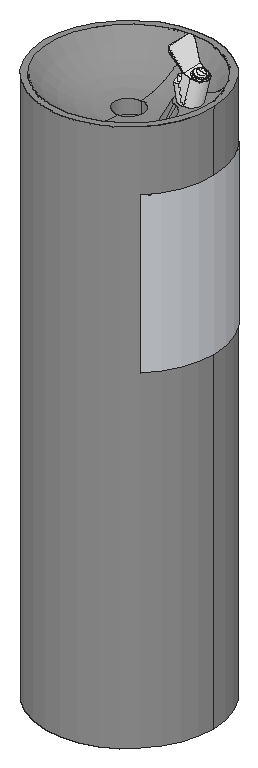
Revit family "rba-bim-rba8903-102", category Plumbing Fixtures, Revit 2018
Family settings
  Round Connector Dimension = Use Diameter
  Part Type = Normal
  Work Plane-Based = No
  Always vertical = Yes
  Cut with Voids When Loaded = No
  Shared = No
  Room Calculation Point = No
Parameters (values of type "RBA8903-102")
  URL = "www.rba.com.au"
  Modified Issue = "20210728.01"
  Height = 150.000 mm
  Model = "RBA8903-102"
  Manufacturer = "RBA Group"  # constant formula
  Description = "Watermarked Lead-Free Pedestal Drinking Fountain"
  Copyright by = "RBA Group"  # constant formula
  Basin & Housing = Type 304 Stainless Steel
Reference planes
  plane 1 "Center (Front/Back)": y = 0
  plane 2: z = 0
  plane 3 "Center (Left/Right)": x = 0
  plane 4: z = 865
  plane 5: x = 60.4
Forms (mm)
  Revolve 1, void
    sketch origin (0, -28.224, 765.775) x (0, 1, 0) y (0, 0, 1)
      loop
        line (28.224, 76.225) -> (28.224, 149.225) -> (-101.776, 149.225)
        arc (-101.776, 149.225) -> (-54.377, 112.352) -> (4.224, 99.225) r 137.36
        line (4.224, 99.225) -> (4.224, 76.225) -> (28.224, 76.225)
      axis (28.224, 76.225) -> (28.224, 149.225)
    angle from 0 to 360
  Extrusion 2, solid, material "Type 304 Stainless Steel" <- "Basin & Housing"
    sketch origin (0, -2.612, 765.775) x (0, 1, 0) y (-1, 0, 0)
      loop
        circle (2.612, 0) r 140
    from -765.775 to 149.225
  SweptBlend 3, solid, material "Type 304 Stainless Steel" <- "Basin & Housing"
    path origin (0, 0, 670) x (0, -1, 0) y (0, 0, 1)
      loop
        line (-0.112, 239.954) -> (-0.112, 194.954)
    profile origin (0, 0.112, 909.954) x (-1, 0, 0) y (0, -1, 0)
      loop
        arc (-93.474, -21.067) -> (-91.623, -20.386) -> (-89.839, -19.543) r 22.225
        arc (-89.839, -19.543) -> (-77.989, 0.112) -> (-89.839, 19.767) r 22.225
        arc (-89.839, 19.767) -> (-91.623, 20.61) -> (-93.474, 21.291) r 22.225
        arc (-93.474, 21.291) -> (-112.425, 43.353) -> (-108.227, 72.132) r 35.093
        arc (-108.227, 72.132) -> (-130, 0.112) -> (-108.227, -71.908) r 130
        arc (-108.227, -71.908) -> (-112.425, -43.129) -> (-93.474, -21.067) r 35.093
    end profile origin (0, 0.112, 864.954) x (-1, 0, 0) y (0, -1, 0)
      loop
        arc (-96.459, -87.041) -> (-93.907, -63.108) -> (-79.117, -44.119) r 43.89
        arc (-79.117, -44.119) -> (-54.404, 0.112) -> (-79.117, 44.343) r 51.939
        arc (-79.117, 44.343) -> (-93.907, 63.332) -> (-96.459, 87.265) r 43.89
        arc (-96.459, 87.265) -> (-130, 0.112) -> (-96.459, -87.041) r 130
  Extrusion 4, solid
    sketch origin (0, 140, 840) x (0, 1, 0) y (-1, 0, 0)
      loop
        arc (-239.329, -98.659) -> (-240.015, -98.714) -> (-239.998, -99.401) r 0.5
        arc (-239.998, -99.401) -> (-139.998, -140.998) -> (-39.998, -99.401) r 141
        arc (-39.998, -99.401) -> (-40, -98.694) -> (-40.707, -98.696) r 0.5
        arc (-40.707, -98.696) -> (-140.026, -140) -> (-239.329, -98.659) r 140
    from -287.442 to -24.924
Cuts and joins
  Revolve 1 cuts Extrusion 2
  joined: Extrusion 2, SweptBlend 3
Nested families
  nested 1: "RBA8900_Bubbler" at (100.84, 0, 909.954), type "Bubbler"
Definition of nested family "RBA8900_Bubbler"
  Parameters
    URL = "www.rba.com.au"
    Tap Head Satin = no
    Tap Head Polished = yes
    Tap = none
    Model = "Bubbler"
    Manufacturer = "rba"
    Description = ""
    Default Elevation = 1219.200 mm
  Reference planes
    plane 1 "Center (Front/Back)": y = 0
    plane 2: z = 0
    plane 3 "Center (Left/Right)": x = 0
    plane 4: z = 0
  Forms (mm)
    Extrusion 1, void, not visible
      sketch origin (190.394, 16, 54.737) x (0.48481, 0, -0.87462) y (0, -1, 0)
        loop
          arc (-34.602, 33.521) -> (-32.666, 37.951) -> (-28.288, 40) r 6.851
          line (-28.288, 40) -> (-24.456, 40)
          arc (-24.456, 40) -> (-14.588, 37.396) -> (-4.839, 34.375) r 240.547
          arc (-4.839, 34.375) -> (0.295, 32.936) -> (5.544, 32) r 55.094
          line (5.544, 32) -> (5.544, 44.082) -> (-37.297, 44.082) -> (-37.297, -12.879) -> (5.544, -12.879) -> (5.544, 0)
          arc (5.544, 0) -> (0.295, -0.936) -> (-4.839, -2.375) r 55.094
          arc (-4.839, -2.375) -> (-14.588, -5.396) -> (-24.456, -8) r 240.547
          line (-24.456, -8) -> (-28.288, -8)
          arc (-28.288, -8) -> (-32.666, -5.951) -> (-34.602, -1.521) r 6.851
          line (-34.602, -1.521) -> (-34.602, 33.521)
      from 0 to 5.726
    Extrusion 2, void, not visible
      sketch origin (196.613, 16, 45.679) x (-0.965926, 0, 0.258819) y (0, 1, 0)
        loop
          line (15.527, -32) -> (-7.034, -32)
          arc (-7.034, -32) -> (-23.034, -16) -> (-7.034, 0) r 16
          line (-7.034, 0) -> (15.527, 0) -> (15.527, 14.45) -> (-28.034, 14.45) -> (-28.034, -45.534) -> (15.527, -45.534) -> (15.527, -32)
      from -6.887 to 62.035
    Extrusion 3, solid, material <- "Tap", not visible
      sketch origin (0, 24, 0) x (1, 0, 0) y (0, 0, 1)
        loop
          arc (201.92, 44.257) -> (197.068, 46.392) -> (193.082, 49.888) r 17.425
          line (193.082, 49.888) -> (189.386, 47.84)
          arc (189.386, 47.84) -> (189.518, 41.776) -> (188.076, 35.885) r 23.232
          arc (188.076, 35.885) -> (185.093, 31.314) -> (180.521, 28.331) r 13.267
          line (180.521, 28.331) -> (168.461, 26.204) -> (173.081, 0) -> (210.42, 0) -> (218.863, 39.717) -> (201.92, 44.257)
      from 0 to 48
    Extrusion 4, void, not visible
      sketch origin (168.461, 24, 26.204) x (-0.984808, 0, -0.173648) y (0, 1, 0)
        loop
          line (-18.589, 5.61) -> (-18.589, -8) -> (-16, -8)
          arc (-16, -8) -> (0, -24) -> (-16, -40) r 16
          line (-16, -40) -> (-18.589, -40) -> (-18.589, -50) -> (21, -50) -> (21, 5.61) -> (-18.589, 5.61)
      from -11.774 to 50.524
    Extrusion 5, solid, material <- "Tap", not visible
      sketch origin (0, 24, 0) x (1, 0, 0) y (0, 0, 1)
        loop
          line (193.082, 49.888) -> (173.619, 85) -> (170.995, 83.546) -> (188.076, 52.731)
          arc (188.076, 52.731) -> (188.865, 50.321) -> (189.386, 47.84) r 23.232
          line (189.386, 47.84) -> (193.082, 49.888)
      from 0 to 48
    Revolve 6, solid, material <- "Tap", not visible
      sketch origin (189.454, 0, -21.888) x (-0.965926, 0, 0.258819) y (0.258819, 0, 0.965926)
        loop
          line (-12.461, 67.118) -> (0, 67.118) -> (0, 73.342) -> (-7.686, 73.342)
          arc (-7.686, 73.342) -> (-8.765, 72.895) -> (-9.211, 71.817) r 1.525
          line (-9.211, 71.817) -> (-9.211, 69.618)
          arc (-9.211, 69.618) -> (-9.358, 69.265) -> (-9.711, 69.118) r 0.5
          line (-9.711, 69.118) -> (-11.461, 69.118)
          arc (-11.461, 69.118) -> (-12.168, 68.825) -> (-12.461, 68.118) r 1
          line (-12.461, 68.118) -> (-12.461, 67.118)
        axis (0, 67.118) -> (0, 73.342)
      angle from 0 to 360
    Blend 7, solid, material <- "Tap", not visible
      base sketch origin (168.461, 24, 26.204) x (0.984808, 0, 0.173648) y (0, 1, 0)
        loop
          circle (9.56, -24) r 7
      top sketch origin (168.461, 24, 26.204) x (0.984808, 0, 0.173648) y (0, 1, 0)
        loop
          circle (9.56, -24) r 5
      from 0 to 6
    Extrusion 8, void
      sketch origin (-0.098, 16, 54.737) x (0.48481, 0, -0.87462) y (0, -1, 0)
        loop
          arc (-34.602, 33.521) -> (-32.666, 37.951) -> (-28.288, 40) r 6.851
          line (-28.288, 40) -> (-24.456, 40)
          arc (-24.456, 40) -> (-14.588, 37.396) -> (-4.839, 34.375) r 240.547
          arc (-4.839, 34.375) -> (0.295, 32.936) -> (5.544, 32) r 55.094
          line (5.544, 32) -> (5.544, 44.082) -> (-37.297, 44.082) -> (-37.297, -12.879) -> (5.544, -12.879) -> (5.544, 0)
          arc (5.544, 0) -> (0.295, -0.936) -> (-4.839, -2.375) r 55.094
          arc (-4.839, -2.375) -> (-14.588, -5.396) -> (-24.456, -8) r 240.547
          line (-24.456, -8) -> (-28.288, -8)
          arc (-28.288, -8) -> (-32.666, -5.951) -> (-34.602, -1.521) r 6.851
          line (-34.602, -1.521) -> (-34.602, 33.521)
      from 0 to 5.726
    Extrusion 9, void
      sketch origin (6.121, 16, 45.679) x (-0.965926, 0, 0.258819) y (0, 1, 0)
        loop
          line (15.527, -32) -> (-7.034, -32)
          arc (-7.034, -32) -> (-23.034, -16) -> (-7.034, 0) r 16
          line (-7.034, 0) -> (15.527, 0) -> (15.527, 14.45) -> (-28.034, 14.45) -> (-28.034, -45.534) -> (15.527, -45.534) -> (15.527, -32)
      from -6.887 to 62.035
    Extrusion 10, solid, material <- "Tap"
      sketch origin (-190.492, 24, 0) x (1, 0, 0) y (0, 0, 1)
        loop
          arc (201.92, 44.257) -> (197.068, 46.392) -> (193.082, 49.888) r 17.425
          line (193.082, 49.888) -> (189.386, 47.84)
          arc (189.386, 47.84) -> (189.518, 41.776) -> (188.076, 35.885) r 23.232
          arc (188.076, 35.885) -> (185.093, 31.314) -> (180.521, 28.331) r 13.267
          line (180.521, 28.331) -> (168.461, 26.204) -> (173.081, 0) -> (210.42, 0) -> (218.863, 39.717) -> (201.92, 44.257)
      from 0 to 48
    Extrusion 11, void
      sketch origin (-22.031, 24, 26.204) x (-0.984808, 0, -0.173648) y (0, 1, 0)
        loop
          line (-18.589, 5.61) -> (-18.589, -8) -> (-16, -8)
          arc (-16, -8) -> (0, -24) -> (-16, -40) r 16
          line (-16, -40) -> (-18.589, -40) -> (-18.589, -50) -> (21, -50) -> (21, 5.61) -> (-18.589, 5.61)
      from -11.774 to 50.524
    Extrusion 12, solid, material <- "Tap"
      sketch origin (-190.492, 24, 0) x (1, 0, 0) y (0, 0, 1)
        loop
          line (193.082, 49.888) -> (173.619, 85) -> (170.995, 83.546) -> (188.076, 52.731)
          arc (188.076, 52.731) -> (188.865, 50.321) -> (189.386, 47.84) r 23.232
          line (189.386, 47.84) -> (193.082, 49.888)
      from 0 to 48
    Revolve 13, solid, material <- "Tap"
      sketch origin (-1.038, 0, -21.888) x (-0.965926, 0, 0.258819) y (0.258819, 0, 0.965926)
        loop
          line (-12.461, 67.118) -> (0, 67.118) -> (0, 73.342) -> (-7.686, 73.342)
          arc (-7.686, 73.342) -> (-8.765, 72.895) -> (-9.211, 71.817) r 1.525
          line (-9.211, 71.817) -> (-9.211, 69.618)
          arc (-9.211, 69.618) -> (-9.358, 69.265) -> (-9.711, 69.118) r 0.5
          line (-9.711, 69.118) -> (-11.461, 69.118)
          arc (-11.461, 69.118) -> (-12.168, 68.825) -> (-12.461, 68.118) r 1
          line (-12.461, 68.118) -> (-12.461, 67.118)
        axis (0, 67.118) -> (0, 73.342)
      angle from 0 to 360
    Blend 14, solid, material <- "Tap"
      base sketch origin (-22.031, 24, 26.204) x (0.984808, 0, 0.173648) y (0, 1, 0)
        loop
          circle (9.56, -24) r 7
      top sketch origin (-22.031, 24, 26.204) x (0.984808, 0, 0.173648) y (0, 1, 0)
        loop
          circle (9.56, -24) r 5
      from 0 to 6
  Cuts and joins
    Extrusion 8, Extrusion 9, Extrusion 11 cuts Extrusion 10
    Extrusion 8 cuts Extrusion 12
  Lines and regions (mm)
    symbolic lines
      curve 1: line (0, 0, 2.805) -> (0, 0, -47.195)
